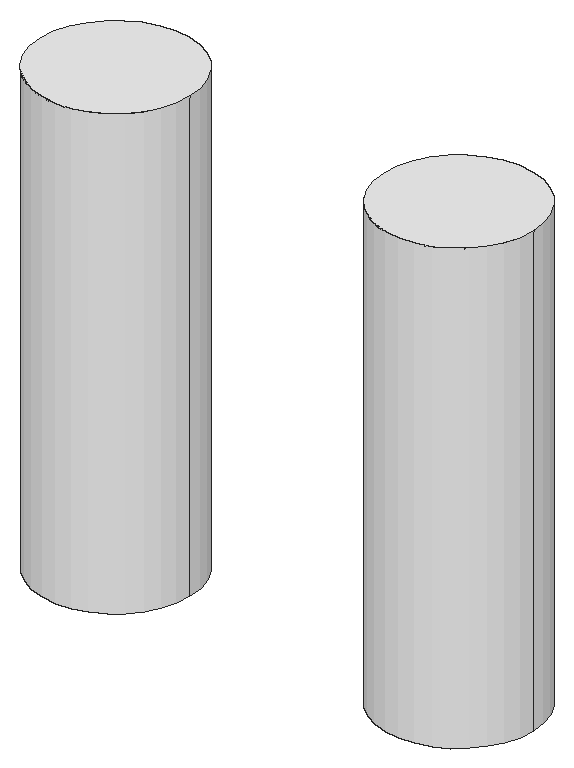
Revit family "92202219(2023)", category Plumbing Fixtures, Revit 2020
Family settings
  Round Connector Dimension = Use Diameter
  Part Type = Normal
  OmniClass Number = 23.45.55.00
  OmniClass Title = Sanitary Faucets, Wastes
  Work Plane-Based = No
  Always vertical = Yes
  Cut with Voids When Loaded = No
  Shared = No
  Room Calculation Point = No
Parameters (values of type "92202219 Washbasin faucet, 3 V, Bluetooth")
  Working Pressure = "100 - 1000 kPa"
  WarrantyStartDate [instance] = "n/a"
  WarrantyGuarantorParts = "n/a"
  WarrantyGuarantorLabor = "n/a"
  WarrantyDurationUnit = "Year"
  WarrantyDurationParts = "n/a"
  WarrantyDurationLabor = "n/a"
  WarrantyDescription = "http://warranty.hansa.com"
  Warranty Information URL = "http://warranty.hansa.com"
  VersionDate = "01/06/2023"
  Version = "1"
  ValvePattern = "n/a"
  ValveOperation = "n/a"
  ValveMechanism = "n/a"
  Uniclass2015Reference = "Pr_40_20_87_96"
  Uniclass2015Description = "Washbasin manual water supply sets"
  Uniclass2 = "Pr_40_30_96_96"
  URL WEEE = "http://static.hansa.com/WEEE/92202219"
  URL UWL = "http://static.hansa.com/UWL/92202219"
  URL REACH = "http://static.hansa.com/doc/reach"
  URL EcoLabel Declaration = "http://static.hansa.com/doc/EcoLabel"
  URL EU Packaging Declaration = "http://static.hansa.com/doc/packaging"
  URL Declaration of SCIP = "http://static.hansa.com/doc/SCIP"
  URL Declaration of Conformity = "http://static.hansa.com/DoC/92202219"
  URL Declaration of Asbestos = "http://static.hansa.com/doc/asbestos"
  URL Declaration Of Performance (DOP) = "http://static.hansa.com/doc/DoP"
  URL = ""
  UNSPSC Class Number = "30181700 Faucets or taps"
  Type Comments = ""
  TestPressure = "n/a"
  Temperature Adjustments = "Adjustable hot water stop (included, retrofittable)"
  Technical DataSheet URL = "http://www.hansa.com/datasheet/92202219/en"
  TagNumber [instance] = "n/a"
  SustainabilityPerformance = "n/a"
  Surface treatment = "Chrome"
  Spout Type = "Fixed spout"
  Spout Projection = "117 mm"
  Size = "70x165x135 mm"
  Shape = "Sculptured"
  SerialNumber [instance] = "n/a"
  Sales Package dimensions (LxWxH) = "284 x 191 x 83.5"
  Revision = "n/a"
  ReplacementCost = "n/a"
  Protection Class = "IP 55"
  ProductInformation = "n/a"
  Product URL = "http://static.hansa.com/92202219"
  Product Image URL = "http://static.hansa.com/image/92202219"
  Product Family = "HANSAELECTRA Digital"
  Product Code = "92202219"
  OperatingMechanismMaterial = "n/a"
  Operating Voltage = 39 V
  Operating Distance = "20-130 mm (110/130/160 mm)"
  NominalWidth = 69.286 mm
  NominalHeight = 135.012 mm
  NominalDepth = 163.081 mm
  Noise Class = "I (ISO 3822) "
  Name_en = "92202219 Washbasin faucet, 3 V, Bluetooth"
  Name = "92202219 Washbasin faucet, 3 V, Bluetooth"
  NBSReference = "45-35-70/371"
  NBSDescription = "Water supply fittings for wash basins and troughs"
  Mounting Holes = "1 hole"
  ModelReference = "92202219"
  ModelNumber = "n/a"
  Model = "92202219 Washbasin faucet, 3 V, Bluetooth"
  Mobile Product Information URL = "http://mpi.hansa.com/92202219"
  Mechanical Parts = "Mixing valve for manual temperature control;Non-return valve(s);Litter filter(s)"
  Max. Hot Water Supply = 70 °C
  Max Flow Period = "2 min (1 - 1800 s)"
  Material = "Composite"
  Market = "International;Germany;Austria;Switzerland;Belgium;Netherlands;Italy"
  ManufacturerURL = "http://www.hansa.com"
  ManufacturerName = "HANSA"
  Manufacturer = "HANSA"
  Long Marketing = "Electra 92 series is giving you a whole new modern design with its rounded square body and spout. Giving you new fresh and updated design.\nDesign compliments the new trends of the modern bathroom with its more squared design.\n\nKey Features\nAerator with Tilt function +/- 10° for more flexible installation\nNewest Sensor technology for better detection and operation comfort\nBluetooth technology for easy adjustment to personalize settings \nAntiscalding protection\nTemperature measurement\nDigital Network Service\nBattery and power cable"
  Lever Handle = "Temperature control handle"
  Keynote = ""
  InstallationDate [instance] = "n/a"
  Installation Type = "Deck mounted"
  InletConnectionSize = 10 mm
  IfcExportType = "FAUCET"  # constant formula
  IfcExportAs = "IfcValveType"  # constant formula
  Group = "Washbasin faucet"
  Grade = "n/a"
  FlowCoefficient = 0
  Flow Rate At 300kPa With Flow Controller = 0.09 L/s
  Flow Drawing URL = "http://static.hansa.com/flowchart/92202219"
  Finish = "Polished"
  Features = "Touchless;Battery-operated;External transformer;Bluetooth®;Lead free"
  FaucetMainMaterial = Brass
  FDV Document URL = "http://www.hansa.com/datasheet/92202219/en/fdv"
  ExpectedLife = "n/a"
  Electronic Parts = ";Light indicated function(s);Low battery indicator"
  Electrical Connection = "9 V"
  ETIM Class Number = "EC010340 Electronic tap"
  EN Standard = "EN 15091"
  EMC Directive = "2014/53/EU , 2011/65/EU"
  EAN Number = "4057304019418"
  DurationUnit = "Year"
  Dimension Drawing URL = "http://static.hansa.com/dimdrw/92202219"
  Description = ""
  DefaultElevation [instance] = 900 mm
  Default Elevation = 0 mm
  Constituents = "n/a"
  Connection Size = "G3/8"
  Connection = "Flexible inlet pipes"
  Color = "Chrome"
  CodePerformance = "n/a"
  CloseOffRating = 0
  Catalog Drawing URL = "http://static.hansa.com/catdrw/92202219"
  Brand = "HANSA"
  BodyMaterial = "Brass"
  Bluetooth = "5.x (D060576)"
  Battery = "AA 1.5 V Lithium x 2"
  Barcode [instance] = "n/a"
  Backflow Prevention EN1717 = "EB"
  BIMObjectName = "92202219(2023)"
  Automatic Flush Period = "30 s (1-1800 s)"
  Automatic Flush Frequency = "off (off/1-120 h)"
  Author = "BIMStone"
  AssetType = "Fixed"
  AssetIdentifier [instance] = "n/a"
  Afterflow Period = "3 s (1-20 s)"
  Aerator = "PCA® - constant flow rate regardless of pressure variations;Adjustable flow angle"
  Advanced Features = "3S-installation system for safe and simple mounting"
  AccessibilityPerformance = "n/a"
  2D/3D/BIM Files URL = "http://static.hansa.com/bim/92202219"
Reference planes
  plane 1 "Center (Front/Back)": y = 0
  plane 2: z = 0
  plane 3 "Center (Left/Right)": x = 0
  plane 4: x = -27.304
  plane 5: z = 900
  plane 6: z = 870
  plane 7: y = -163.081
  plane 8: x = 27.304
  plane 9: z = 1035.012
  plane 10: x = 41.982
Forms (mm)
  Extrusion 1, solid, material "Brass" <- "FaucetMainMaterial"
    sketch origin (0, -2.393, 0) x (1, 0, 0) y (0, 1, 0)
      loop
        circle (-11.5, -22.5) r 5
      loop
        circle (11.5, -22.5) r 5
    from 870 to 900
Dimensions and locks
  "DefaultElevation": plane 5 to level
  locked: plane 5 to plane 6 at 30
  "NominalDepth": plane 7 to plane 1 "Center (Front/Back)"
  equal spacing: plane 4, plane 3 "Center (Left/Right)", plane 8
  "NominalHeight": plane 9 to plane 5
  locked: plane 8 to plane 10 at 14.678
  "NominalWidth": plane 4 to plane 10
  "InletConnectionSize": diameter of Extrusion 1 sketch curve  (x2)
  aligned and locked: level to plane 2
  aligned and locked: plane 5 to Extrusion 1
  aligned and locked: Extrusion 1 to plane 6
  aligned and locked: plane 1 "Center (Front/Back)" to nested 2
  aligned and locked: plane 3 "Center (Left/Right)" to nested 2
  aligned and locked: plane 3 "Center (Left/Right)" to nested 1
  aligned and locked: plane 1 "Center (Front/Back)" to nested 1
  aligned and locked: plane 5 to nested 2
Automatic sketch dimensions
  Extrusion 1 sketch curve to plane 3 "Center (Left/Right)" = 11.5 mm
  plane 3 "Center (Left/Right)" to Extrusion 1 sketch curve = 11.5 mm
  plane 1 "Center (Front/Back)" to Extrusion 1 sketch curve = 24.893 mm
  Extrusion 1 sketch curve to Extrusion 1 sketch curve = 0 mm
Nested families
  nested 1: "Symbol" at (0, 0, 0), type "Symbol", detail levels coarse
  nested 2: "92202219(2023)_Body" at (0, 0, 900), Material <- "FaucetMainMaterial", type "92202219(2023)_Body"
    with Material Brass
Connectors
  piping at (-11.5, -24.893, 870), diameter 10, driven by "InletConnectionSize"
    settings: on Extrusion 1, index 1, connector inside diameter 609.6 mm, connector length 0 mm, flow factor 0, pipe flow 0.2 L/s, pressure drop 0.0 Pa, fitting loss kfactor 0, connector angle 0.00°, fixture units 0, engagement length 0 mm, angle of deflection 0.00°, flow configuration 1, flow direction 1, fitting loss method 0, system type 19, joint type 0, gender type 0, connector reference index -1, connector utility 0, adjustable connector no, is connector primary yes, connector description ""
  piping at (11.5, -24.893, 870), diameter 10, driven by "InletConnectionSize"
    settings: on Extrusion 1, index 2, connector inside diameter 609.6 mm, connector length 0 mm, flow factor 0, pipe flow 0.2 L/s, pressure drop 0.0 Pa, fitting loss kfactor 0, connector angle 0.00°, fixture units 0, engagement length 0 mm, angle of deflection 0.00°, flow configuration 1, flow direction 1, fitting loss method 0, system type 20, joint type 0, gender type 0, connector reference index -1, connector utility 0, adjustable connector no, is connector primary no, connector description ""
Definition of nested family "Symbol"
  Reference planes
    plane 1: y = 0
    plane 2: x = 0
  Lines and regions (mm)
    detail lines
      curve 1: line (0, 0, 0) -> (0, -1.8, 0)
      curve 2: line (-0.4, -1.1, 0) -> (0.4, -1.1, 0)
      curve 3: line (-0.4, -1.4, 0) -> (0.4, -1.4, 0)
      curve 4: line (0.863, 0, 0) -> (-0.863, 0, 0)
      curve 5: circle (-1.163, 0, 0) r 0.3 normal (0, 0, -1)
      curve 6: circle (1.163, 0, 0) r 0.3 normal (0, 0, 1)
